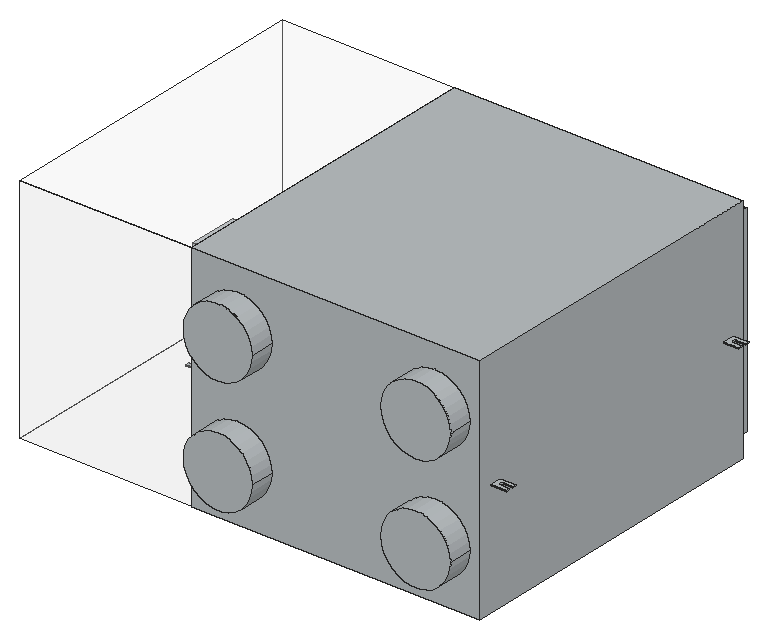
Revit family "lgh-n150_200rxv2d_60Hz", category 機械設備, Revit 2019
Family settings
  丸型コネクタ寸法 = 直径を使用
  パーツ タイプ = 標準
  OmniClass 番号 = 23.75.10.34.21
  OmniClass タイトル = Heat Exchangers for Ventilation Air
  作業面ベース = いいえ
  常に垂直 = はい
  ロード時にボイドで切り取り = いいえ
  共有 = いいえ
  部屋計算ポイント = はい
Parameters (values of type "LGH-N150RXV2D")
  騒音レベル(dB(A)) = 38.5
  風量 = SMAX風量  # 1500.0 m³/h
  面風速 = 8.5 m/s
  電源種別 [instance] = "一般"
  電圧 = 200 V
  電動機出力 = 0 W
  集中コントローラ = ""
  運転質量 = 0.00 kg
  連動 [instance] = ""
  質量 = if(製品質量 > 運転質量, 製品質量, 運転質量) * 1.2  # 127.20 kg
  負荷分類 = 3_ファン類
  説明 = "業務用ロスナイ 天井埋込形 DCマイコン"
  設計風量 = SMAX風量  # 1500.0 m³/h
  設置方法 = "天井吊(隠ぺい)形"
  記号 [instance] = ""
  製造元 = "MITSIBISHI ELECTRIC"
  製品質量 = 106.00 kg
  製品出荷対象 = "国内"
  製品リリース年月 = "2023/5/15"
  製品グループ = ""
  系統 [instance] = ""
  符号 = "HEU"
  積算_科目 = "1 空気調和設備"
  積算_拾い区分 [instance] = ""
  相 = 1
  盤記号 [instance] = ""
  発停方法 [instance] = ""
  特殊仕様 [instance] = ""
  点検口高さ = -Height  # -808 mm
  点検口離隔 = 150 mm
  点検口_Depth = 450 mm
  点検口 = yes
  火災停止 [instance] = ""
  温度交換効率 = 74.00%
  消費電力 = 900 W
  法定耐用年数 = "15"
  機外静圧_排気 = SMAX静圧  # 275.0 Pa
  機外静圧 = SMAX静圧  # 275.0 Pa
  極数 = 3
  材質 [instance] = ""
  本体マテリアル = 溶融亜鉛めっき鋼板
  操作・制御方式 = ""
  操作・制御スイッチ = ""
  排気量 = SMAX風量  # 1500.0 m³/h
  形式 = "天井埋込ダクト形"
  幹線記号 [instance] = ""
  対象室 [instance] = ""
  実風量 = SMAX風量  # 1500.0 m³/h
  始動方式 [instance] = "直入"
  天吊金具_径 = 15 mm
  天吊金具_幅 = 30 mm
  外気量 = SMAX風量  # 1500.0 m³/h
  呼称 = "全熱交換ユニット"
  周波数 = 60 Hz
  天吊金具ピッチ2 = 1015 mm
  天吊金具ピッチ1 = 1057 mm
  天吊金具_高さ = 404 mm
  参照している仕様書等のバージョン = ""
  初期抵抗 = 0.0 Pa
  分類コード = "50052504100070"
  分類グループ = ""
  価格 = 1170000
  企業コード = "108420"
  付属品_フィルター_還気 = ""
  付属品_フィルター = ""
  付属品 [instance] = ""
  仕様書バージョン = "Version1.0"
  モデル = "LGH-N150RXV2D"
  メンテナンススペース = yes
  ダクト高 = 700 mm
  ダクト径 = 250 mm
  ダクト幅 = 270 mm
  コメント [instance] = ""
  Keynote = ""
  エンタルピ交換効率_暖房 = 76.00%
  エンタルピ交換効率_冷房 = 66.00%
  Assembly Code = ""
  Width = 1004 mm
  Version = ""
  Uniclass2015Version = "Systems v1.9"
  Uniclass2015Title = "Thermal wheels"
  Uniclass2015Code = "Pr_60_60_36_88"
  URL = "https://www.mitsubishielectric.co.jp/ldg/wink/qr/002/324414/"
  SpecificationReference = ""
  SpecificationDescription = ""
  SMAX風量 = 1500.0 m³/h
  SMAX静圧 = 275.0 Pa
  SAサイズ_D = 242 mm
  Revision = ""
  RAサイズ_D = 242 mm
  ProductInformation = ""
  OmniClassCode = "23-27 23 19 11"
  OAサイズ_W = 270 mm
  OAサイズ_D = 700 mm
  MIN風量 = 660.0 m³/h
  MIN静圧 = 47.0 Pa
  MID風量 = 1080.0 m³/h
  MID静圧 = 127.0 Pa
  MAX風量 = 1500.0 m³/h
  MAX静圧 = 245.0 Pa
  IfcTypeProduct = ""
  IfcProduct = ""
  IfcExportType = "ROTARYWHEEL"
  IfcExportAs = "IfcAirToAirHeatRecoveryType"
  Height = 808 mm
  EAサイズ_W = 270 mm
  EAサイズ_D = 700 mm
  Duct_Pitch = 690 mm
  Duct_Height = 202 mm
  Duct_Depth_SA_RA = 84 mm
  Duct_Depth_OA_EA = 49 mm
  Depth = 1144 mm
  Clearance Top = 0 mm
  Clearance Left = 600 mm
  Clearance Bottom = 0 mm
  Box_Width = 175 mm
  Box_Height = 669 mm
  Box_H = 88 mm
  Box_Depth = 115 mm
  Box_W = 145 mm
  Author = "MITSUBISHI ELECTRIC"
Types (2, lengths in mm): name | 騒音レベル(dB(A)) | 風量 | 面風速 | 質量 | 設計風量 | 製品質量 | 温度交換効率 | 消費電力 | 機外静圧_排気 | 機外静圧 | 排気量 | 実風量 | 外気量 | 天吊金具ピッチ1 | 価格 | モデル | エンタルピ交換効率_暖房 | エンタルピ交換効率_冷房 | Width | URL | SMAX風量 | SMAX静圧 | MIN風量 | MIN静圧 | MID風量 | MID静圧 | MAX風量 | MAX静圧 | Duct_Pitch
  LGH-N150RXV2D | 38.5 | 1500.0 m³/h | 8.5 m/s | 127.20 kg | 1500.0 m³/h | 106.00 kg | 74.00% | 900 W | 275.0 Pa | 275.0 Pa | 1500.0 m³/h | 1500.0 m³/h | 1500.0 m³/h | 1057 | 1170000 | "LGH-N150RXV2D" | 76.00% | 66.00% | 1004 | "https://www.mitsubishielectric.co.jp/ldg/wink/qr/002/324414/" | 1500.0 m³/h | 275.0 Pa | 660.0 m³/h | 47.0 Pa | 1080.0 m³/h | 127.0 Pa | 1500.0 m³/h | 245.0 Pa | 690
  LGH-N200RXV2D | 41 | 2000.0 m³/h | 11.3 m/s | 139.20 kg | 2000.0 m³/h | 116.00 kg | 73.00% | 1160 W | 225.0 Pa | 225.0 Pa | 2000.0 m³/h | 2000.0 m³/h | 2000.0 m³/h | 1284 | 1330000 | "LGH-N200RXV2D" | 75.00% | 65.00% | 1231 | "https://www.mitsubishielectric.co.jp/ldg/wink/qr/002/324416/" | 2000.0 m³/h | 225.0 Pa | 880.0 m³/h | 32.0 Pa | 1440.0 m³/h | 86.0 Pa | 2000.0 m³/h | 165.0 Pa | 917
Reference planes
  plane 1 "中心(正面/背面)": y = 0
  plane 2: z = 0
  plane 3 "中心(左/右)": x = 0
  plane 4: x = -502
  plane 5: x = 502
  plane 6: y = 572
  plane 7: y = -572
  plane 8: z = -808
  plane 9: z = -202
  plane 10: x = -345
  plane 11: x = 345
  plane 12: y = -656
  plane 13: y = 621
  plane 14: x = -586
  plane 15: x = 586
  plane 16: x = -1102
  plane 17: y = -427
  plane 18: y = -252
  plane 19: z = -88
  plane 20: z = -757
  plane 21: x = -617
  plane 22: x = -652
  plane 23: y = 225
  plane 24: x = -528.5
  plane 25: x = 528.5
  plane 26: y = 507.5
  plane 27: y = -507.5
  plane 28: y = -225
  plane 29: x = -558.5
  plane 30: y = 527.5
  plane 31: y = 487.5
  plane 32: y = -487.5
  plane 33: y = -527.5
  plane 34: z = -5
  plane 35: z = -404
  plane 36: z = -407
  plane 37: x = 558.5
  plane 38: z = -404
  plane 39: x = 480
  plane 40: x = 210
  plane 41: x = -480
  plane 42: x = -210
  plane 43: z = -54
  plane 44: z = -754
  plane 45: z = -54
  plane 46: z = -754
  plane 47: z = -606
  plane 48: z = -808
  plane 49: z = 0
Forms (mm)
  Extrusion 1, solid, material "溶融亜鉛めっき鋼板" <- "本体マテリアル", detail levels fine
    sketch origin (0, 0, 0) x (1, 0, 0) y (0, 1, 0)
      loop
        line (-502, 572) -> (-502, -572) -> (502, -572) -> (502, 572) -> (-502, 572)
    from 0 to -808
  Extrusion 2, solid, material "溶融亜鉛めっき鋼板" <- "本体マテリアル", detail levels fine
    sketch origin (502, -572, 0) x (-1, 0, 0) y (0, 0, -1)
      loop
        circle (847, 202) r 121
    from 0 to 84
  Extrusion 3, solid, material "溶融亜鉛めっき鋼板" <- "本体マテリアル", detail levels fine
    sketch origin (510, -445, 0) x (-1, 0, 0) y (0, 0, -1)
      loop
        circle (165, 202) r 121
    from 127 to 211
  Extrusion 4, solid, material "溶融亜鉛めっき鋼板" <- "本体マテリアル", detail levels fine
    sketch origin (-502, -572, 0) x (0, 1, 0) y (0, 0, -1)
      loop
        line (320, 88) -> (320, 757) -> (145, 757) -> (145, 88) -> (320, 88)
    from 0 to 115
  Extrusion 5, solid, material "溶融亜鉛めっき鋼板" <- "本体マテリアル", detail levels fine
    sketch origin (0, 0, 0) x (1, 0, 0) y (0, 1, 0)
      loop
        line (-558.5, 527.5) -> (-558.5, 515) -> (-528.5, 515)
        arc (-528.5, 515) -> (-521, 507.5) -> (-528.5, 500) r 7.5
        line (-528.5, 500) -> (-558.5, 500) -> (-558.5, 487.5) -> (-502, 487.5) -> (-502, 527.5) -> (-558.5, 527.5)
    from -404 to -407
  Extrusion 6, solid, material "溶融亜鉛めっき鋼板" <- "本体マテリアル", detail levels fine
    sketch origin (0, 0, 0) x (1, 0, 0) y (0, 1, 0)
      loop
        line (-558.5, -527.5) -> (-502, -527.5) -> (-502, -487.5) -> (-558.5, -487.5) -> (-558.5, -500) -> (-528.5, -500)
        arc (-528.5, -500) -> (-521, -507.5) -> (-528.5, -515) r 7.5
        line (-528.5, -515) -> (-558.5, -515) -> (-558.5, -527.5)
    from -404 to -407
  Extrusion 7, solid, material "溶融亜鉛めっき鋼板" <- "本体マテリアル", detail levels fine
    sketch origin (0, 0, 0) x (-1, 0, 0) y (0, -1, 0)
      loop
        line (-558.5, 527.5) -> (-558.5, 515) -> (-528.5, 515)
        arc (-528.5, 515) -> (-521, 507.5) -> (-528.5, 500) r 7.5
        line (-528.5, 500) -> (-558.5, 500) -> (-558.5, 487.5) -> (-502, 487.5) -> (-502, 527.5) -> (-558.5, 527.5)
    from -404 to -407
  Extrusion 8, solid, material "溶融亜鉛めっき鋼板" <- "本体マテリアル", detail levels fine
    sketch origin (0, 0, 0) x (-1, 0, 0) y (0, -1, 0)
      loop
        line (-558.5, -527.5) -> (-502, -527.5) -> (-502, -487.5) -> (-558.5, -487.5) -> (-558.5, -500) -> (-528.5, -500)
        arc (-528.5, -500) -> (-521, -507.5) -> (-528.5, -515) r 7.5
        line (-528.5, -515) -> (-558.5, -515) -> (-558.5, -527.5)
    from -404 to -407
  Extrusion 9, solid, material "溶融亜鉛めっき鋼板" <- "本体マテリアル", detail levels fine
    sketch origin (0, 0, 0) x (1, 0, 0) y (0, 0, 1)
      loop
        circle (-345, -606) r 121
    from 572 to 656
  Extrusion 10, solid, material "溶融亜鉛めっき鋼板" <- "本体マテリアル", detail levels fine
    sketch origin (0, 0, 0) x (1, 0, 0) y (0, 0, 1)
      loop
        circle (345, -606) r 121
    from 572 to 656
  Extrusion 11, solid, material "溶融亜鉛めっき鋼板" <- "本体マテリアル", detail levels fine
    sketch origin (0, 0, 0) x (1, 0, 0) y (0, 0, 1)
      loop
        line (480, -754) -> (480, -54) -> (210, -54) -> (210, -754) -> (480, -754)
    from -621 to -572
  Extrusion 12, solid, material "溶融亜鉛めっき鋼板" <- "本体マテリアル", detail levels fine
    sketch origin (0, 0, 0) x (1, 0, 0) y (0, 0, 1)
      loop
        line (-480, -754) -> (-210, -754) -> (-210, -54) -> (-480, -54) -> (-480, -754)
    from -621 to -572
Lines and regions (mm)
  Masking region 1, detail levels coarse+medium
    outline origin (1326.5, 29, 0) x (1, 0, 0) y (0, 1, 0)
      loop
        line (-1828.5, 543) -> (-1828.5, -601) -> (-824.5, -601) -> (-824.5, 543) -> (-1828.5, 543)
  symbolic lines, detail levels coarse+medium
    curve 1: line (0, 572, 0) -> (-502, 0, 0)
    curve 2: line (-502, 0, 0) -> (0, -572, 0)
    curve 3: line (0, -572, 0) -> (502, 0, 0)
    curve 4: line (502, 0, 0) -> (0, 572, 0)
Dimensions and locks
  equal spacing: plane 4, plane 3 "中心(左/右)", plane 5
  "Width": plane 4 to plane 5
  equal spacing: plane 6, plane 1 "中心(正面/背面)", plane 7
  "Depth": plane 6 to plane 7
  "Height": level to plane 8
  "Duct_Height": level to plane 9
  equal spacing: plane 11, plane 3 "中心(左/右)", plane 10
  "Duct_Pitch": plane 11 to plane 10
  "Duct_Depth_OA_EA": plane 13 to plane 6
  "Duct_Depth_SA_RA": plane 7 to plane 12
  "Duct_Depth_SA_RA": plane 5 to plane 15
  "Duct_Depth_SA_RA": plane 14 to plane 4
  "Clearance Left": plane 16 to plane 4
  "Box_H": level to plane 19
  "Box_Height": plane 19 to plane 20
  "Box_W": plane 17 to plane 7
  "Box_Width": plane 18 to plane 17
  "Box_Depth": plane 21 to plane 4
  "点検口離隔": plane 22 to plane 4
  equal spacing: plane 24, plane 3 "中心(左/右)", plane 25
  "天吊金具ピッチ1": plane 24 to plane 25
  equal spacing: plane 26, plane 1 "中心(正面/背面)", plane 27
  "天吊金具ピッチ2": plane 26 to plane 27
  equal spacing: plane 23, plane 1 "中心(正面/背面)", plane 28
  "点検口_Depth": plane 23 to plane 28
  equal spacing: plane 30, plane 26, plane 31
  locked: plane 30 to plane 31 at 40
  "天吊金具_幅": plane 29 to plane 24
  "天吊金具_高さ": level to plane 35
  locked: plane 35 to plane 36 at 3
  equal spacing: plane 32, plane 27, plane 33
  locked: plane 32 to plane 33 at 40
  "天吊金具_幅": plane 25 to plane 37
  equal spacing: plane 8, plane 38, level
  equal spacing: plane 40, plane 11, plane 39
  "EAサイズ_W": plane 40 to plane 39
  equal spacing: plane 42, plane 10, plane 41
  "OAサイズ_W": plane 42 to plane 41
  equal spacing: plane 44, plane 38, plane 43
  "EAサイズ_D": plane 44 to plane 43
  "OAサイズ_D": plane 46 to plane 45
  equal spacing: plane 46, plane 38, plane 45
  "Duct_Height": plane 38 to plane 47
  "Clearance Bottom": plane 8 to plane 48
  "Clearance Top": plane 49 to level
  "RAサイズ_D": diameter of Extrusion 3 sketch curve
  "SAサイズ_D": diameter of Extrusion 9 sketch curve
  "RAサイズ_D": diameter of Extrusion 10 sketch curve
  "SAサイズ_D": diameter of Extrusion 2 sketch curve
  "天吊金具_径": diameter of Extrusion 6 sketch curve
  "天吊金具_径": diameter of Extrusion 7 sketch curve
  "天吊金具_径": diameter of Extrusion 8 sketch curve
  "天吊金具_径": diameter of Extrusion 5 sketch curve
  aligned and locked: level to plane 2
  aligned and locked: Extrusion 1 to plane 8
  aligned and locked: Extrusion 2 to plane 12
  aligned and locked: plane 7 to Extrusion 2
  aligned and locked: plane 7 to Extrusion 3
  aligned and locked: Extrusion 3 to plane 12
  aligned and locked: plane 16 to nested 1
  aligned and locked: plane 4 to nested 1
  aligned and locked: nested 1 to plane 6
  aligned and locked: nested 1 to plane 7
  aligned and locked: Extrusion 4 to plane 21
  aligned and locked: plane 4 to Extrusion 4
  aligned and locked: Masking region 1 to plane 4
  aligned and locked: plane 5 to Masking region 1
  aligned and locked: plane 6 to Masking region 1
  aligned and locked: Masking region 1 to plane 7
  aligned and locked: plane 25 to nested 2
  aligned and locked: plane 24 to nested 2
  aligned and locked: nested 2 to plane 27
  aligned and locked: plane 26 to nested 2
  aligned and locked: Extrusion 4 to plane 18
  aligned and locked: Extrusion 4 to plane 20
  aligned and locked: plane 19 to Extrusion 4
  aligned and locked: Extrusion 4 to plane 17
  aligned and locked: plane 22 to nested 3
  aligned and locked: plane 16 to nested 3
  aligned and locked: plane 23 to nested 3
  aligned and locked: nested 3 to plane 28
  aligned and locked: plane 29 to Extrusion 5 sketch curve  (x2)
  aligned and locked: Extrusion 5 sketch curve to plane 4
  aligned and locked: plane 31 to Extrusion 5 sketch curve
  aligned and locked: Extrusion 5 sketch curve to plane 30
  aligned and locked: Extrusion 5 to plane 35
  aligned and locked: Extrusion 5 to plane 36
  aligned and locked: Extrusion 6 sketch curve to plane 29  (x2)
  aligned and locked: plane 32 to Extrusion 6 sketch curve
  aligned and locked: Extrusion 6 sketch curve to plane 33
  aligned and locked: plane 4 to Extrusion 6 sketch curve
  aligned and locked: plane 35 to Extrusion 6
  aligned and locked: Extrusion 6 to plane 36
  aligned and locked: plane 37 to Extrusion 7 sketch curve  (x2)
  aligned and locked: Extrusion 7 sketch curve to plane 32
  aligned and locked: plane 33 to Extrusion 7 sketch curve
  aligned and locked: plane 5 to Extrusion 7 sketch curve
  aligned and locked: Extrusion 7 to plane 36
  aligned and locked: plane 35 to Extrusion 7
  aligned and locked: Extrusion 8 sketch curve to plane 37  (x2)
  aligned and locked: Extrusion 8 sketch curve to plane 31
  aligned and locked: plane 30 to Extrusion 8 sketch curve
  aligned and locked: Extrusion 8 sketch curve to plane 5
  aligned and locked: plane 35 to Extrusion 8
  aligned and locked: Extrusion 8 to plane 36
  aligned and locked: Extrusion 9 to plane 12
  aligned and locked: plane 7 to Extrusion 9
  aligned and locked: Extrusion 10 to plane 12
  aligned and locked: plane 7 to Extrusion 10
  aligned and locked: plane 44 to Extrusion 11 sketch curve
  aligned and locked: plane 39 to Extrusion 11 sketch curve
  aligned and locked: Extrusion 11 sketch curve to plane 43
  aligned and locked: Extrusion 11 sketch curve to plane 40
  aligned and locked: Extrusion 12 sketch curve to plane 46
  aligned and locked: Extrusion 12 sketch curve to plane 41
  aligned and locked: plane 45 to Extrusion 12 sketch curve
  aligned and locked: plane 42 to Extrusion 12 sketch curve
  aligned and locked: plane 13 to Extrusion 12
  aligned and locked: Extrusion 12 to plane 6
  aligned and locked: plane 13 to Extrusion 11
  aligned and locked: Extrusion 11 to plane 6
  aligned and locked: nested 1 to plane 48
  aligned and locked: plane 49 to nested 1
Automatic sketch dimensions
  plane 1 "中心(正面/背面)" to curve 1 = 0 mm
  curve 1 to plane 4 = 0 mm
  curve 2 to plane 3 "中心(左/右)" = 0 mm
  curve 4 to plane 3 "中心(左/右)" = 0 mm
  plane 1 "中心(正面/背面)" to curve 4 = 0 mm
  curve 4 to plane 5 = 0 mm
  curve 2 to plane 7 = 0 mm
  curve 4 to plane 6 = 0 mm
  Extrusion 1 sketch curve to plane 4 = 0 mm
  Extrusion 1 sketch curve to plane 5 = 0 mm
  Extrusion 1 sketch curve to plane 7 = 0 mm
  Extrusion 1 sketch curve to plane 6 = 0 mm
  Extrusion 3 sketch curve to plane 9 = 0 mm
  Extrusion 3 sketch curve to plane 11 = 0 mm
  Extrusion 4 sketch curve to Extrusion 1 = 145 mm
  Extrusion 1 to Extrusion 4 sketch curve = 51 mm
  Extrusion 4 sketch curve to Extrusion 4 sketch curve = 175 mm
  Extrusion 1 to Extrusion 4 sketch curve = 88 mm
  Masking region 1 sketch curve to plane 4 = 0 mm
  Masking region 1 sketch curve to plane 5 = 0 mm
  Masking region 1 sketch curve to plane 7 = 0 mm
  Masking region 1 sketch curve to plane 6 = 0 mm
  Extrusion 9 sketch curve to plane 10 = 0 mm
  Extrusion 9 sketch curve to plane 47 = 0 mm
  Extrusion 10 sketch curve to plane 11 = 0 mm
  Extrusion 10 sketch curve to plane 47 = 0 mm
  Extrusion 1 to Extrusion 2 sketch curve = 157 mm
  Extrusion 1 to Extrusion 2 sketch curve = 202 mm
  Extrusion 5 sketch curve to plane 24 = 0 mm
  Extrusion 5 sketch curve to plane 26 = 0 mm
  Extrusion 6 sketch curve to plane 24 = 0 mm
  Extrusion 6 sketch curve to plane 27 = 0 mm
  Extrusion 7 sketch curve to plane 25 = 0 mm
  Extrusion 7 sketch curve to plane 27 = 0 mm
  Extrusion 8 sketch curve to plane 25 = 0 mm
  Extrusion 8 sketch curve to plane 26 = 0 mm
Nested families
  nested 1: "メンテナンススペース" at (-802, 0, -404), visible <- "メンテナンススペース", type "メンテナンススペース"
    with Width 600 mm, Height 808 mm, Depth 1144 mm
  nested 2: "固定点" at (-528.5, -507.5, 0), type "固定点"
    with W 1057 mm, D 1015 mm
  nested 3: "点検口設置範囲" at (-877, 0, -808), built-in parameter 1001364 <- "点検口高さ", visible <- "点検口", type "点検口設置範囲"
    with Width 450 mm, Depth 450 mm
Connectors
  hvac at (-345, -656, -202), driven by "SAサイズ_D", driven by "機外静圧", driven by "風量"
    settings: on Extrusion 2, index 1, duct flow 1500.0 m³/h, flow factor 0, pres drop 275.0 Pa, loss coef 0, conn angle 0.00°, conn width 304.8 mm, conn height 304.8 mm, conn diameter 242 mm, duct sys type 1, conn prof type 0, flow config 0, flow direction 2, loss method 4, conn ref index -1, conn util no, is conn primary yes, conn desc ""
  hvac at (345, -656, -202), driven by "RAサイズ_D", driven by "機外静圧", driven by "風量"
    settings: on Extrusion 3, index 2, duct flow 1500.0 m³/h, flow factor 0, pres drop 275.0 Pa, loss coef 0, conn angle 0.00°, conn width 304.8 mm, conn height 304.8 mm, conn diameter 242 mm, duct sys type 2, conn prof type 0, flow config 0, flow direction 1, loss method 4, conn ref index -1, conn util no, is conn primary no, conn desc ""
  electrical at (-559.5, -427, -422.5), driven by "負荷分類", driven by "極数", driven by "電圧", driven by "消費電力"
    settings: on Extrusion 4, index 7, voltage 200 V, apparent load 900 VA, apparent load phase1 0 VA, apparent load phase2 0 VA, apparent load phase3 0 VA, power factor 1, load classification "3_ファン類", number of poles 3, system type 30, power factor state 1, is connector primary yes, connector utility no, sub classification motor no, connector description ""
  hvac at (-345, -656, -606), driven by "SAサイズ_D", driven by "機外静圧", driven by "風量"
    settings: on Extrusion 9, index 8, duct flow 1500.0 m³/h, flow factor 0, pres drop 275.0 Pa, loss coef 0, conn angle 0.00°, conn width 304.8 mm, conn height 304.8 mm, conn diameter 242 mm, duct sys type 1, conn prof type 0, flow config 0, flow direction 2, loss method 4, conn ref index -1, conn util no, is conn primary no, conn desc ""
  hvac at (345, -656, -606), driven by "RAサイズ_D", driven by "機外静圧", driven by "風量"
    settings: on Extrusion 10, index 9, duct flow 1500.0 m³/h, flow factor 0, pres drop 275.0 Pa, loss coef 0, conn angle 0.00°, conn width 304.8 mm, conn height 304.8 mm, conn diameter 242 mm, duct sys type 2, conn prof type 0, flow config 0, flow direction 1, loss method 4, conn ref index -1, conn util no, is conn primary no, conn desc ""
  hvac at (345, 621, -404), driven by "EAサイズ_D", driven by "EAサイズ_W", driven by "機外静圧_排気", driven by "排気量"
    settings: on Extrusion 11, index 10, duct flow 1500.0 m³/h, flow factor 0, pres drop 275.0 Pa, loss coef 0, conn angle 0.00°, conn width 270 mm, conn height 700 mm, conn diameter 609.6 mm, duct sys type 3, conn prof type 1, flow config 0, flow direction 2, loss method 4, conn ref index -1, conn util no, is conn primary no, conn desc ""
  hvac at (-345, 621, -404), driven by "OAサイズ_W", driven by "OAサイズ_D", driven by "機外静圧", driven by "風量"
    settings: on Extrusion 12, index 11, duct flow 1500.0 m³/h, flow factor 0, pres drop 275.0 Pa, loss coef 0, conn angle 0.00°, conn width 270 mm, conn height 700 mm, conn diameter 609.6 mm, duct sys type 4, conn prof type 1, flow config 0, flow direction 1, loss method 4, conn ref index -1, conn util no, is conn primary no, conn desc ""
Definition of nested family "メンテナンススペース"
  Parameters (values of type "メンテナンススペース")
    Width [instance] = 500 mm
    Height [instance] = 500 mm
    Depth [instance] = 500 mm
  Reference planes
    plane 1 "中心(正面/背面)": y = 0
    plane 2: z = 0
    plane 3 "中心(左/右)": x = 0
    plane 4: y = -250
    plane 5: x = 250
    plane 6: y = 250
    plane 7: x = -250
    plane 8: z = 250
    plane 9: z = -250
  Forms (mm)
    Extrusion 1, solid
      sketch origin (-638.939, 0, 72.39) x (1, 0, 0) y (0, 1, 0)
        loop
          line (388.939, 250) -> (388.939, -250) -> (888.939, -250) -> (888.939, 250) -> (388.939, 250)
      from -322.39 to 177.61
  Lines and regions (mm)
    symbolic lines
      curve 1: line (-250, 0, 250) -> (250, 0, 250)
      curve 2: line (-250, 0, -250) -> (-250, 0, 250)
      curve 3: line (250, 0, -250) -> (-250, 0, -250)
      curve 4: line (250, 0, 250) -> (250, 0, -250)
      curve 5: line (0, -250, 250) -> (0, 250, 250)
      curve 6: line (0, -250, -250) -> (0, -250, 250)
      curve 7: line (0, 250, -250) -> (0, -250, -250)
      curve 8: line (0, 250, 250) -> (0, 250, -250)
      curve 9: line (-250, 250, 0) -> (250, 250, 0)
      curve 10: line (-250, -250, 0) -> (-250, 250, 0)
      curve 11: line (250, -250, 0) -> (-250, -250, 0)
      curve 12: line (250, 250, 0) -> (250, -250, 0)
  Dimensions and locks
    equal spacing: plane 7, plane 3 "中心(左/右)", plane 5
    equal spacing: plane 4, plane 1 "中心(正面/背面)", plane 6
    "Depth": plane 4 to plane 6
    "Width": plane 7 to plane 5
    equal spacing: plane 8, plane 2, plane 9
    "Height": plane 8 to plane 9
    aligned and locked: plane 9 to curve 3
    aligned and locked: plane 7 to curve 2
    aligned and locked: curve 4 to plane 5
    aligned and locked: plane 5 to Extrusion 1
    aligned and locked: Extrusion 1 to plane 7
    aligned and locked: Extrusion 1 to plane 9
    aligned and locked: plane 8 to Extrusion 1
    aligned and locked: plane 9 to curve 7
  Automatic sketch dimensions
    plane 4 to Extrusion 1 sketch curve = 0 mm
    Extrusion 1 sketch curve to plane 7 = 0 mm
    Extrusion 1 sketch curve to plane 5 = 0 mm
    plane 6 to Extrusion 1 sketch curve = 0 mm
    curve 2 to plane 8 = 0 mm
    plane 4 to curve 11 = 0 mm
    curve 11 to plane 7 = 0 mm
    curve 11 to plane 5 = 0 mm
    plane 6 to curve 10 = 0 mm
    curve 7 to plane 4 = 0 mm
    curve 7 to plane 6 = 0 mm
    curve 6 to plane 8 = 0 mm
Definition of nested family "固定点"
  Parameters (values of type "固定点")
    中心円 = 20 mm
    W [instance] = 1000 mm
    D [instance] = 1000 mm
  Reference planes
    plane 1 "中心(正面/背面)": y = 0
    plane 2: z = 0
    plane 3 "中心(左/右)": x = 0
    plane 4: x = 1000
    plane 5: y = 1000
  Lines and regions (mm)
    symbolic lines, detail levels fine
      curve 1: circle (0, 1000, 0) r 10 normal (0, 0, 1)
      curve 2: circle (0, 0, 0) r 10 normal (0, 0, 1)
      curve 3: circle (1000, 1000, 0) r 10 normal (0, 0, 1)
      curve 4: circle (1000, 0, 0) r 10 normal (0, 0, 1)
      curve 5: line (-200, 1000, 0) -> (1200, 1000, 0)
      curve 6: line (-200, 0, 0) -> (1200, 0, 0)
      curve 7: line (0, 1200, 0) -> (0, -200, 0)
      curve 8: line (1000, 1200, 0) -> (1000, -200, 0)
  Dimensions and locks
    "W": plane 3 "中心(左/右)" to plane 4
    "D": plane 1 "中心(正面/背面)" to plane 5
    "中心円": diameter of curve 1
    "中心円": diameter of curve 2
    "中心円": diameter of curve 3
    "中心円": diameter of curve 4
    aligned and locked: level to plane 2
    aligned and locked: plane 5 to curve 1
    aligned and locked: plane 3 "中心(左/右)" to curve 1
    aligned and locked: plane 3 "中心(左/右)" to curve 2
    aligned and locked: plane 1 "中心(正面/背面)" to curve 2
    aligned and locked: plane 4 to curve 3
    aligned and locked: plane 5 to curve 3
    aligned and locked: plane 1 "中心(正面/背面)" to curve 4
    aligned and locked: plane 4 to curve 4
    aligned and locked: plane 1 "中心(正面/背面)" to curve 6
    aligned and locked: curve 7 to plane 3 "中心(左/右)"
    aligned and locked: curve 8 to plane 4
  Automatic sketch dimensions
    curve 5 to plane 5 = 0 mm
    curve 6 to plane 3 "中心(左/右)" = 200 mm
    curve 5 to plane 3 "中心(左/右)" = 200 mm
    curve 4 to curve 6 = 200 mm
    curve 3 to curve 5 = 200 mm
    plane 1 "中心(正面/背面)" to curve 8 = 200 mm
    plane 1 "中心(正面/背面)" to curve 7 = 200 mm
    curve 3 to curve 8 = 200 mm
    curve 1 to curve 7 = 200 mm
Definition of nested family "点検口設置範囲"
  Parameters (values of type "点検口設置範囲")
    Width [instance] = 1000 mm
    Depth [instance] = 700 mm
  Reference planes
    plane 1 "中心(正面/背面)": y = 0
    plane 2: z = 0
    plane 3 "中心(左/右)": x = 0
    plane 4: x = -500
    plane 5: x = 500
    plane 6: y = -350
    plane 7: y = 350
  Lines and regions (mm)
    model lines
      curve 1: line (-500, 350, 0) -> (500, 350, 0)
      curve 2: line (-500, -350, 0) -> (-500, 350, 0)
      curve 3: line (500, -350, 0) -> (-500, -350, 0)
      curve 4: line (500, 350, 0) -> (500, -350, 0)
  Dimensions and locks
    "Depth": plane 7 to plane 6
    "Width": plane 4 to plane 5
    equal spacing: plane 7, plane 1 "中心(正面/背面)", plane 6
    equal spacing: plane 4, plane 3 "中心(左/右)", plane 5
    aligned and locked: level to plane 2
    aligned and locked: plane 4 to curve 2
    aligned and locked: curve 1 to plane 7
    aligned and locked: curve 4 to plane 5
    aligned and locked: plane 6 to curve 3
